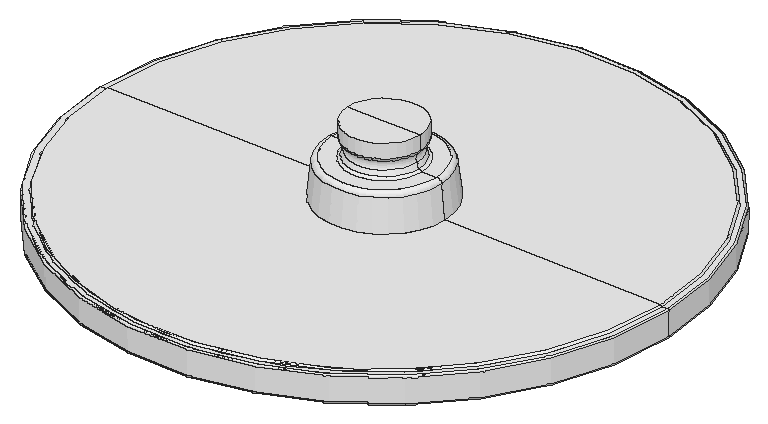
Revit family "Shower_Head-Grohe-Rainshower_Cosmopolitan_210-28373_Series", category Plumbing Fixtures, Revit 2014
Parameters (values of type "28373000")
  cUPC Compliant = yes
  Width = 8 1/4"  # constant formula
  Waste Connection = no
  Warranty Documentation Link = "https://cdn.cloud.grohe.com/tpi/1000/1900/1940/1949/1949006/original/1949006.pdf"
  WFU = 4
  Vent Connection = no
  URL = "https://www.grohe.us/"
  Tempered Connection Radius = Tempered Connection Diameter / 2  # 1/4"
  Tempered Connection Diameter = Hot Water Connection Diameter  # 1/2"
  Product Page URL = "https://www.grohe.us/en_us/rainshower-cosmopolitan-210-shower-head-1-spray-28373000.html"
  Price = "Prices may vary. Please consult Manufacturer Representative for most up-to-date price list."  # constant formula
  Model = "28373000"
  Material = "Metal-Grohe-000-Chrome"
  Manufacturer = "Grohe"
  Hot Water Connection Radius = Hot Water Connection Diameter / 2  # 1/4"
  Hot Water Connection Diameter = Cold Water Connection Diameter  # 1/2"
  Height = 1 5/8"  # constant formula
  HWFU = 3
  HW Connection = yes
  Flow Rate = "2.0 gpm (7.6 L/min)"
  Finish = Metal-Grohe-000-Chrome
  Description = "Rainshower Cosmopolitan 210"  # constant formula
  Default Elevation = 0"
  Creation Date = "04/24/2017"  # constant formula
  Cold Water Connection Radius = Cold Water Connection Diameter / 2  # 1/4"
  Cold Water Connection Diameter = 1/2"  # constant formula
  CWFU = 3
  CW Connection = yes
  Assembly Code = "D2010710"
Types (4): name | Product Page URL | Model | Material | Finish
  (no name) | "https://www.grohe.us/en_us/rainshower-cosmopolitan-210-shower-head-1-spray-28373000.html" | "28373000" | "Metal-Grohe-000-Chrome" | Metal-Grohe-000-Chrome
  28373EN0 | "https://www.grohe.us/en_us/rainshower-cosmopolitan-210-shower-head-1-spray-28373EN0.html" | "28373EN0" | "Metal-Grohe-EN0-Brushed Nickel" | Metal-Grohe-EN0-Brushed Nickel
  28373000 | "https://www.grohe.us/en_us/rainshower-cosmopolitan-210-shower-head-1-spray-28373000.html" | "28373000" | "Metal-Grohe-000-Chrome" | Metal-Grohe-000-Chrome
  28373BE0 | "https://www.grohe.us/en_us/rainshower-cosmopolitan-210-shower-head-1-spray-28373BE0.html" | "28373BE0" | "Metal-Grohe-BE0-Nickel" | Metal-Grohe-BE0-Nickel
Reference planes (in)
  plane 1 "Center (Front/Back)": y = 0
  plane 2: z = 0
  plane 3 "Center (Left/Right)": x = 0
  plane 4: x = -6.10156
  plane 5: x = 6.10156
  plane 6: x = -4.125
  plane 7: x = 4.125
  plane 8: z = -1.625
Forms (in)
  Revolve 1, solid, material "Metal-Grohe-000-Chrome" <- "Finish"
    sketch origin (0, 0, 0) x (1, 0, 0) y (0, 0, 1)
      loop
        line (0, 0) -> (-0.52362, 0) -> (-0.52362, -0.20081)
        arc (-0.52362, -0.20081) -> (-0.51928, -0.21847) -> (-0.50724, -0.23209) r 0.03804
        arc (-0.50724, -0.23209) -> (-0.46229, -0.29578) -> (-0.46898, -0.37345) r 0.11358
        line (-0.46898, -0.37345) -> (-0.501, -0.44211)
        arc (-0.501, -0.44211) -> (-0.51787, -0.46135) -> (-0.54243, -0.4685) r 0.04571
        line (-0.54243, -0.4685) -> (-0.7594, -0.4685)
        arc (-0.7594, -0.4685) -> (-0.80709, -0.48663) -> (-0.83069, -0.53186) r 0.07178
        line (-0.83069, -0.53186) -> (-0.88336, -0.97771) -> (-4.00361, -0.97771) -> (-4.02737, -1.00148) -> (-4.10496, -1.00148)
        arc (-4.10496, -1.00148) -> (-4.11911, -1.0074) -> (-4.12481, -1.02164) r 0.01986
        line (-4.12481, -1.02164) -> (-4.11955, -1.35881)
        arc (-4.11955, -1.35881) -> (-4.11326, -1.37351) -> (-4.09846, -1.37958) r 0.02109
        line (-4.09846, -1.37958) -> (-3.56276, -1.37958) -> (-3.55303, -1.56521)
        arc (-3.55303, -1.56521) -> (-3.53345, -1.60767) -> (-3.49002, -1.625) r 0.06309
        line (-3.49002, -1.625) -> (0, -1.625) -> (0, 0)
      axis (0, 0) -> (0, -1.625)
    angle from 0 to 360
Lines and regions (in)
  Masking region 1
    outline origin (0, 0, 0) x (1, 0, 0) y (0, 1, 0)
      loop
        circle (0, 0) r 4.125
  symbolic lines, detail levels medium+fine
    curve 1: circle (0, 0, 0) r 0.51331 normal (0, 0, 1)
  symbolic lines, detail levels fine
    curve 2: circle (0, 0, 0) r 0.70866 normal (0, 0, 1)
    curve 3: circle (0, 0, 0) r 4.02737 normal (0, 0, 1)
    curve 4: circle (0, 0, 0) r 4 normal (0, 0, 1)
Dimensions and locks (in)
  "Height": level to plane 8
  equal spacing: plane 7, plane 3 "Center (Left/Right)", plane 6
  "Width": plane 7 to plane 6
Automatic sketch dimensions
  Revolve 1 sketch curve to plane 8 = 0"
  Revolve 1 sketch curve to level = 0"
  Revolve 1 sketch curve to plane 3 "Center (Left/Right)" = 0"  (x2)
  Revolve 1 sketch curve to plane 3 "Center (Left/Right)" = 0.46898"
  Revolve 1 sketch curve to Revolve 1 sketch curve = 0.01659"
  Revolve 1 sketch curve to Revolve 1 sketch curve = 0.03202"
  Revolve 1 sketch curve to Revolve 1 sketch curve = 0.03804"
  Revolve 1 sketch curve to Revolve 1 sketch curve = 0.04143"
  Revolve 1 sketch curve to Revolve 1 sketch curve = 0.02949"
  Revolve 1 sketch curve to Revolve 1 sketch curve = 0.21697"
  Revolve 1 sketch curve to level = 0.53186"
  Revolve 1 sketch curve to Revolve 1 sketch curve = 0.07128"
  Revolve 1 sketch curve to Revolve 1 sketch curve = 0.05267"
  plane 6 to Revolve 1 sketch curve = 0.63498"
  plane 8 to Revolve 1 sketch curve = 0.05979"
  Revolve 1 sketch curve to Revolve 1 sketch curve = 0.063"
  Revolve 1 sketch curve to Revolve 1 sketch curve = 0.00973"
  plane 6 to Revolve 1 sketch curve = 0.12139"
  Revolve 1 sketch curve to Revolve 1 sketch curve = 0.02376"
  plane 6 to Revolve 1 sketch curve = 0.02654"
  plane 6 to Revolve 1 sketch curve = 0.02004"
  plane 6 to Revolve 1 sketch curve = 0.00545"
  plane 6 to Revolve 1 sketch curve = 0.00019"
  Revolve 1 sketch curve to Revolve 1 sketch curve = 0.18564"
  Revolve 1 sketch curve to Revolve 1 sketch curve = 0.02076"
  Revolve 1 sketch curve to Revolve 1 sketch curve = 0.33717"
  Revolve 1 sketch curve to Revolve 1 sketch curve = 0.00031"
  Revolve 1 sketch curve to Revolve 1 sketch curve = 0.44585"
  Revolve 1 sketch curve to Revolve 1 sketch curve = 0.00842"
  Revolve 1 sketch curve to Revolve 1 sketch curve = 0.02639"
  Revolve 1 sketch curve to Revolve 1 sketch curve = 0.06866"
  Revolve 1 sketch curve to Revolve 1 sketch curve = 0.09734"
  Revolve 1 sketch curve to Revolve 1 sketch curve = 0.12464"
  Revolve 1 sketch curve to Revolve 1 sketch curve = 1 1/4"
  Revolve 1 sketch curve to Revolve 1 sketch curve = 1"
  curve 1 to curve 2 = 0"  (x2)
  curve 1 to curve 3 = 0"  (x2)
  curve 1 to curve 4 = 0"  (x2)
  curve 2 to curve 3 = 0"  (x2)
  curve 2 to curve 4 = 0"  (x2)
  curve 3 to curve 4 = 0"  (x2)
  plane 1 "Center (Front/Back)" to curve 2 = 0"
  curve 2 to plane 3 "Center (Left/Right)" = 0"
  plane 1 "Center (Front/Back)" to Masking region 1 sketch curve = 0"
  Masking region 1 sketch curve to plane 3 "Center (Left/Right)" = 0"
  radius of curve 1 = 0.51331"
  radius of curve 2 = 0.70866"
  radius of curve 3 = 4.02737"
  radius of curve 4 = 4"
  radius of Masking region 1 sketch curve = 4 1/8"
Connectors (in)
  piping at (0, 0, 0), diameter 0.5, driven by "Tempered Connection Diameter"
    settings: on Revolve 1, index 1, connector inside diameter 24", connector length 0", flow factor 0, pipe flow 0 GPM, pressure drop 0.00 psi, fitting loss kfactor 0, connector angle 0.00°, fixture units 0, engagement length 0", angle of deflection 0.00°, flow configuration 0, flow direction 1, fitting loss method 0, system type 29, joint type 0, gender type 0, connector reference index -1, connector utility 0, adjustable connector no, is connector primary yes, connector description "1/2\" NPT Supply Inlet"
